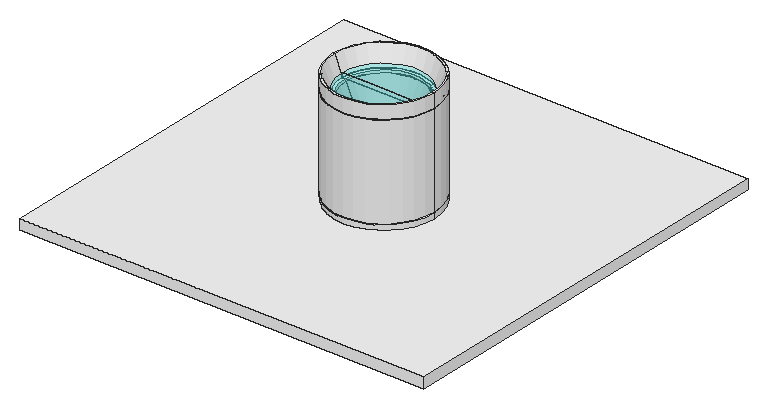
Revit family "BE_24399_de_DE", category Leuchten, Revit 2020
Family settings
  Basisbauteil = Fläche
  Bemaßung runder Anschluss = Durchmesser verwenden
  Teiletyp = Normal
  Beim Laden mit Abzugskörper schneiden = Ja
  Lichtquelle = Ja
  Gemeinsam genutzt = Nein
  Raumberechnungspunkt = Ja
Parameters (values of type "BEGA_24399_Weiß_K4")
  built-in parameter 1150104 = 11.148 (stored number, unit not read)
  Wattage = 8 W
  Default Elevation = 0 mm
  built-in parameter 1150113 = 1 (stored number, unit not read)
  built-in parameter 1114218 = 1 (stored number, unit not read)
  Umgebungstemperatur = "25 °C"
  URL = "https://www.bega.com/de/produkt/24399"
  Typenkommentare = "© 2022 BEGA. Wir behalten uns das Recht vor, technische Änderungen ohne vorherige Ankündigung vorzunehmen."  # constant formula
  Type Image = 24399.png
  built-in parameter 1150134 = 12
  built-in parameter 1150109 = 1 (stored number, unit not read)
  Strom = ""
  built-in parameter 1150110 = 1 (stored number, unit not read)
  Spannung = 239.996 V
  Sonderanfertigung = no
  Seriennummer [instance] = "Hier können Sie die eindeutige Seriennummer für das Facility Management eintragen."
  Schutzklasse = "I"
  Schutzart = "IP 65"
  Scheinlast = 0 VA
  Produktdatenblatt = "https://cdn.bega.com/bega/products/24399K3/current/documents/data-sheets/de"
  Oberflächentemperatur = ""
  Neigungswinkel = 0.00°
  Modell = "24399WK4"
  Material_17 = BEGA_Reflektor
  Material_15 = BEGA_Leuchtmedium_matt
  Material_11 = BEGA_Glas_opal
  Material_09 = BEGA_Glas_klar
  Material_06 = BEGA_Oberfläche_Edelstahl_gebürstet
  Material_03 = BEGA_Oberfläche_Weiss_matt
  Material_02 = BEGA_Oberfläche_Silber_matt
  Material_01 [instance] = BEGA_Oberfläche_Grafit_matt
  M_W = yes
  M_G = no
  M_A = no
  Logo = 0
  built-in parameter 1114217 = 1 (stored number, unit not read)
  built-in parameter 1150139 = (empty or 0)
  built-in parameter 1150105 = 76.394 (stored number, unit not read)
  built-in parameter 1150114 = 1 (stored number, unit not read)
  Lumens = 960 lm
  built-in parameter 1150115 = 1 (stored number, unit not read)
  Leuchtenlichtstrom = "976 lm"
  Leuchtenanzahl = ""
  Lebensdauerkriterien = "L70B50 @ 25 °C = 200000 h"
  Lastklassifizierung = Beleuchtung
  built-in parameter 1150112 = 1 (stored number, unit not read)
  Lampenlichtstrom = "1240 lm"
  Lampe = "LED 8 W"
  LED_Modulbezeichnung = "LED-1030/840"
  Hersteller = "BEGA"  # constant formula
  Halbstreuwinkel = ""
  Gewicht = "0.75 kg"
  Gebrauchslageneinschränkung [instance] = ""
  Frequenz = "0/50-60 Hz"
  Farbwiedergabeindex = "CRI > 80"
  Farbtemperaturverschiebung bei Dämpfen der Lampe = <Keine Auswahl>
  Farbtemperatur = "4000 K"
  Color Filter = 16777215
  built-in parameter 1150133 = 10 (stored number, unit not read)
  Energieeffizienzklasse = "LED A++ - A"
  built-in parameter 1150137 = (empty or 0)
  built-in parameter 1150132 = (empty or 0)
  ENEC = "ja"
  Dimmbar [instance] = "on/off"
  Datei für fotometrisches Netz = "BE_24399K4.IES"
  CE_Konformität = "ja"
  Bestellnummer = "24399WK4"
  Beschreibung_Sonderanfertigung = "Hier können Sie Informationen zur Sonderanfertigung eintragen."
  Beschreibung = "Deckenaufbau-Tiefstrahler"
  built-in parameter 1150106 = 0.76394 (stored number, unit not read)
  Befestigungsbohrung = "Ø 4,3 mm"
  Befestigungsabstand = "76 mm"
  Ballwurfsicher = ""
  BEGA_Intern_aus = yes
  BEGA_Intern_an = yes
  BEGA_Intern_Konstruktion = yes
  BEGA_Intern = yes
  BEGA_IES = yes
  BEGA_Dummy = no
  Anschlussleitung = ""
  Anschlussleistung [instance] = "9.2 W"
  Anschlusskasten = ""
  built-in parameter 1150107 = 4000 (stored number, unit not read)
  built-in parameter 1150102 = (empty or 0)
  built-in parameter 1150138 = (empty or 0)
  Aktualisierung = "2022-05-18T04:00:07"
  Abstand_zur_angestrahlten_Fläche [instance] = ""
  AC/DC = "AC/DC"
Types (4, lengths in mm): name | built-in parameter 1150104 | built-in parameter 1150134 | Modell | M_W | M_G | built-in parameter 1150105 | Lumens | Leuchtenlichtstrom | Lampenlichtstrom | LED_Modulbezeichnung | Farbtemperatur | Datei für fotometrisches Netz | Bestellnummer | built-in parameter 1150106 | built-in parameter 1150107
  BEGA_24399_Weiß_K3 | 10.498 (stored number, unit not read) | (empty or 0) | "24399WK3" | yes | no | 71.938 (stored number, unit not read) | 904 lm | "917 lm" | "1165 lm" | "LED-1030/830" | "3000 K" | "BE_24399K3.IES" | "24399WK3" | 0.71938 (stored number, unit not read) | 3000 (stored number, unit not read)
  BEGA_24399_Grafit_K4 | 11.148 (stored number, unit not read) | 12 | "24399K4" | no | yes | 76.394 (stored number, unit not read) | 960 lm | "976 lm" | "1240 lm" | "LED-1030/840" | "4000 K" | "BE_24399K4.IES" | "24399K4" | 0.76394 (stored number, unit not read) | 4000 (stored number, unit not read)
  BEGA_24399_Grafit_K3 | 10.498 (stored number, unit not read) | (empty or 0) | "24399K3" | no | yes | 71.938 (stored number, unit not read) | 904 lm | "917 lm" | "1165 lm" | "LED-1030/830" | "3000 K" | "BE_24399K3.IES" | "24399K3" | 0.71938 (stored number, unit not read) | 3000 (stored number, unit not read)
  BEGA_24399_Weiß_K4 | 11.148 (stored number, unit not read) | 12 | "24399WK4" | yes | no | 76.394 (stored number, unit not read) | 960 lm | "976 lm" | "1240 lm" | "LED-1030/840" | "4000 K" | "BE_24399K4.IES" | "24399WK4" | 0.76394 (stored number, unit not read) | 4000 (stored number, unit not read)
Reference planes
  plane 1 "Mitte (Vorne/Hinten)": y = 0
  plane 2: z = 0
  plane 3 "Mitte (Links/Rechts)": x = 0
  plane 4 "Links": x = -50
  plane 5 "Rechts": x = 50
  plane 6 "Unten": y = -50
  plane 7 "Oben": y = 50
  plane 8 "Vorne": z = 111.4
  plane 9 "Hinten": z = 0
Forms (mm)
  Extrusion 1, solid, material "BEGA_Platte_Weiss"
    sketch origin (0, -1119.2, 0) x (1, 0, 0) y (0, 1, 0)
      loop
        line (-200, 1319.2) -> (-200, 919.2) -> (200, 919.2) -> (200, 1319.2) -> (-200, 1319.2)
    from 0 to -10
  Extrusion 2, solid, material "BEGA_Dummy_matt", visible <- "BEGA_Dummy"
    sketch origin (77.149, -76.023, 0) x (1, 0, 0) y (0, 1, 0)
      loop
        circle (-77.149, 76.023) r 50
    from 0 to 111.4
Dimensions and locks
  plane 1 "Mitte (Vorne/Hinten)" to Extrusion 1 = 200 mm
  aligned and locked: plane 2 to Extrusion 1
  aligned and locked: level to Extrusion 1
Nested families
  nested 1: "BE_24399" at (0, 0, 0), type "BE_24399"
Connectors
  electrical at (0, 0, 0), driven by "Lastklassifizierung", driven by "Spannung", driven by "Scheinlast"
    settings: index 1, voltage 239.996 V, apparent load 0 VA, apparent load phase1 0 VA, apparent load phase2 0 VA, apparent load phase3 0 VA, power factor 1, load classification "Beleuchtung", number of poles 1, system type 31, power factor state 1, is connector primary yes, connector utility no, sub classification motor no, connector description ""
Definition of nested family "BE_24399"
  Parameters (values of type "BE_24399")
    Default Elevation = 1 mm
    URL = "http://www.bega.de/de/produkt"
    Type Comments = "© 2015 BEGA. Wir behalten uns das Recht vor, technische Änderungen ohne vorherige Ankündigung vorzunehmen. "  # constant formula
    Type Image = (empty or 0)
    Neigungswinkel_um_Z2 = 0.00°
    Neigungswinkel_um_Z1 = 0.00°
    Neigungswinkel_um_Y2 = 0.00°
    Neigungswinkel_um_Y1 = 0.00°
    Neigungswinkel_um_X2 = 0.00°
    Neigungswinkel_um_X1 = 0.00°
    Material_17 = none
    Material_15 = none
    Material_11 = none
    Material_09 = none
    Material_06 = none
    Material_03 = none
    Material_02 = none
    Material_01 = none
    M_W = yes
    M_G = yes
    M_A = yes
    Länge_Platte = 200 mm  # constant formula
    Höhe_Platte = -10 mm  # constant formula
    Manufacturer = "BEGA"  # constant formula
    Drehwinkel_um_Z2 = 0.00°
    Drehwinkel_um_Z1 = 0.00°
    Breite_Platte = 200 mm  # constant formula
  Reference planes
    plane 1 "Mitte (Oben/Unten)": y = 0
    plane 2: z = 0
    plane 3 "Mitte (Links/Rechts)": x = 0
    plane 4 "Vorne": z = 111.4
    plane 5 "Hinten": z = -25
    plane 6 "Links": x = -50
    plane 7 "Oben": y = 50
    plane 8 "Unten": y = -50
    plane 9: x = 50
  Forms (mm)
    Extrusion 1, solid, detail levels medium
      sketch origin (0, 0, 0) x (1, 0, 0) y (0, 1, 0)
        loop
          line (-100, 100) -> (-100, -100) -> (100, -100) -> (100, 100) -> (-100, 100)
      from 0 to -10 <- "Höhe_Platte"
    Revolve 2, solid, material <- "Material_01", visible <- "M_G"
      sketch origin (0, 0, 0) x (1, 0, 0) y (0, 0, 1)
        loop
          line (-50, 111.4) -> (-50, 98.417) -> (-47.884, 98.194) -> (-45.886, 94.734) -> (-47, 94.091) -> (-47, 85.55) -> (-45.078, 84.9) -> (-42.843, 84.9) -> (-42.651, 90.4) -> (-38.087, 90.4) -> (-38, 92.9) -> (-41.306, 92.9) -> (-48.5, 111.4) -> (-50, 111.4)
        axis (0, 111.4) -> (0, 84.9)
      angle from 0 to 360
    Revolve 3, solid, material <- "Material_01", visible <- "M_G"
      sketch origin (0, 0, 0) x (1, 0, 0) y (0, 0, 1)
        loop
          line (-50, 97.4) -> (-50, 6) -> (-47.965, 6) -> (-47.303, 24.964) -> (-40.001, 24.964) -> (-39.417, 41.7) -> (0, 41.7) -> (0, 46.7) -> (-38.893, 46.7) -> (-40, 78.398) -> (-47.293, 78.398) -> (-48, 94.4) -> (-49.092, 97.4) -> (-50, 97.4)
        axis (0, 6) -> (0, 97.4)
      angle from 0 to 360
    Revolve 4, solid, material <- "Material_17"
      sketch origin (0, 0, 0) x (1, 0, 0) y (0, 0, 1)
        loop
          line (-41.5, 89.2) -> (-38.478, 89.2)
          arc (-38.478, 89.2) -> (-29.406, 69.485) -> (-18.265, 50.861) r 201.35
          arc (-18.265, 50.861) -> (-17.747, 50.387) -> (-17.071, 50.2) r 1.5
          line (-17.071, 50.2) -> (-15.5, 50.2)
          arc (-15.5, 50.2) -> (-15.113, 50.384) -> (-15.01, 50.8) r 0.5
          arc (-15.01, 50.8) -> (-15.113, 51.216) -> (-15.5, 51.4) r 0.5
          line (-15.5, 51.4) -> (-16.996, 51.4)
          arc (-16.996, 51.4) -> (-28.322, 70.334) -> (-37.493, 90.4) r 199.946
          line (-37.493, 90.4) -> (-41.458, 90.4) -> (-41.5, 89.2)
        axis (0, 50.2) -> (0, 90.4)
      angle from 0 to 360
    Revolve 5, solid, material <- "Material_09"
      sketch origin (0, 0, 0) x (1, 0, 0) y (0, 0, 1)
        loop
          line (0, 97) -> (-41, 97) -> (-41, 92.9) -> (0, 92.9) -> (0, 97)
        axis (0, 92.9) -> (0, 97)
      angle from 0 to 360
    Revolve 6, solid, material <- "Material_03", visible <- "M_W"
      sketch origin (0, 0, 0) x (1, 0, 0) y (0, 0, 1)
        loop
          line (-50, 111.4) -> (-50, 98.417) -> (-47.884, 98.194) -> (-45.886, 94.734) -> (-47, 94.091) -> (-47, 85.55) -> (-45.078, 84.9) -> (-42.843, 84.9) -> (-42.651, 90.4) -> (-38.087, 90.4) -> (-38, 92.9) -> (-41.306, 92.9) -> (-48.5, 111.4) -> (-50, 111.4)
        axis (0, 111.4) -> (0, 84.9)
      angle from 0 to 360
    Revolve 7, solid, material <- "Material_03", visible <- "M_W"
      sketch origin (0, 0, 0) x (1, 0, 0) y (0, 0, 1)
        loop
          line (-50, 97.4) -> (-50, 6) -> (-47.965, 6) -> (-47.303, 24.964) -> (-40.001, 24.964) -> (-39.417, 41.7) -> (0, 41.7) -> (0, 46.7) -> (-38.893, 46.7) -> (-40, 78.398) -> (-47.293, 78.398) -> (-48, 94.4) -> (-49.092, 97.4) -> (-50, 97.4)
        axis (0, 6) -> (0, 97.4)
      angle from 0 to 360
    Revolve 8, solid, material <- "Material_15"
      sketch origin (0, 0, 0) x (1, 0, 0) y (0, 0, 1)
        loop
          line (-13.933, 48.423) -> (0, 48.423) -> (0, 49.205) -> (-13.933, 49.205) -> (-13.933, 48.423)
        axis (0, 48.423) -> (0, 49.423)
      angle from 0 to 360
    Revolve 9, solid, material <- "Material_01", visible <- "M_G"
      sketch origin (0, 0, 0) x (1, 0, 0) y (0, 0, 1)
        loop
          line (0, 16) -> (-38.731, 16) -> (-42.91, 16) -> (-42.91, 18.5) -> (-47, 18.5) -> (-47, 5.299) -> (-50, 4.983) -> (-50, 0) -> (-43.105, 0) -> (-42.651, 13) -> (0, 13) -> (0, 16)
        axis (0, 18.5) -> (0, 0)
      angle from 0 to 360
    Extrusion 10, solid, material <- "Material_01", visible <- "M_G"
      sketch origin (0, 0, 0) x (1, 0, 0) y (0, 1, 0)
        loop
          circle (-38, 0) r 6.17
        loop
          circle (38, 0) r 6.17
        loop
          circle (-38, 0) r 2.145
        loop
          circle (38, 0) r 2.145
      from 0 to 19.705
    Revolve 11, solid, material <- "Material_03", visible <- "M_W"
      sketch origin (0, 0, 0) x (1, 0, 0) y (0, 0, 1)
        loop
          line (0, 16) -> (-38.731, 16) -> (-42.91, 16) -> (-42.91, 18.5) -> (-47, 18.5) -> (-47, 5.299) -> (-50, 4.983) -> (-50, 0) -> (-43.105, 0) -> (-42.651, 13) -> (0, 13) -> (0, 16)
        axis (0, 18.5) -> (0, 0)
      angle from 0 to 360
    Extrusion 12, solid, material <- "Material_03", visible <- "M_W"
      sketch origin (0, 0, 0) x (1, 0, 0) y (0, 1, 0)
        loop
          circle (-38, 0) r 6.17
        loop
          circle (38, 0) r 6.17
        loop
          circle (-38, 0) r 2.145
        loop
          circle (38, 0) r 2.145
      from 0 to 19.705
    Extrusion 13, void
      sketch origin (0, 0, 0) x (1, 0, 0) y (0, 1, 0)
        loop
          circle (0, 29) r 7.197
      from 10.843 to 18.77
  Cuts and joins
    Extrusion 13 cuts Revolve 9
    Extrusion 13 cuts Extrusion 10
    joined: Revolve 9, Extrusion 10
    Extrusion 13 cuts Revolve 11
    Extrusion 13 cuts Extrusion 12
    joined: Revolve 11, Extrusion 12
    Extrusion 13 cuts Revolve 3
    Extrusion 13 cuts Revolve 4
    Extrusion 13 cuts Revolve 5
    Extrusion 13 cuts Revolve 7
  Dimensions and locks
    equal spacing: Extrusion 1 sketch curve, plane 3 "Mitte (Links/Rechts)", Extrusion 1 sketch curve
    equal spacing: Extrusion 1 sketch curve, plane 1 "Mitte (Oben/Unten)", Extrusion 1 sketch curve
    "Länge_Platte": Extrusion 1 sketch curve to Extrusion 1 sketch curve
    "Breite_Platte": Extrusion 1 sketch curve to Extrusion 1 sketch curve
    aligned and locked: plane 2 to Extrusion 1
    aligned and locked: level to Extrusion 1
  Automatic sketch dimensions
    Revolve 2 sketch curve to plane 3 "Mitte (Links/Rechts)" = 0 mm
    Revolve 2 sketch curve to Revolve 2 sketch curve = 0.087 mm
    Revolve 2 sketch curve to Revolve 2 sketch curve = 0.192 mm
    Revolve 2 sketch curve to Revolve 2 sketch curve = 2.235 mm
    Revolve 2 sketch curve to Revolve 2 sketch curve = 1.922 mm
    Revolve 2 sketch curve to Revolve 2 sketch curve = 1.998 mm
    Revolve 2 sketch curve to Revolve 2 sketch curve = 0.616 mm
    Revolve 2 sketch curve to Revolve 2 sketch curve = 1.5 mm
    level to Revolve 2 sketch curve = 84.9 mm
    Revolve 2 sketch curve to Revolve 2 sketch curve = 0.65 mm
    Revolve 2 sketch curve to Revolve 2 sketch curve = 5.5 mm
    Revolve 2 sketch curve to Revolve 2 sketch curve = 2.5 mm
    Revolve 2 sketch curve to Revolve 2 sketch curve = 3.691 mm
    Revolve 2 sketch curve to Revolve 2 sketch curve = 0.643 mm
    Revolve 2 sketch curve to Revolve 2 sketch curve = 0.222 mm
    Revolve 2 sketch curve to Revolve 2 sketch curve = 12.983 mm
    Revolve 2 sketch curve to Revolve 2 sketch curve = 3.306 mm
    Revolve 2 sketch curve to Revolve 2 sketch curve = 8.578 mm
    Revolve 2 sketch curve to Revolve 2 sketch curve = 6.422 mm
    Revolve 2 sketch curve to plane 3 "Mitte (Links/Rechts)" = 38 mm
    Revolve 2 sketch curve to Revolve 2 sketch curve = 1.345 mm
    Revolve 2 sketch curve to Revolve 2 sketch curve = 1.114 mm
    Revolve 3 sketch curve to plane 3 "Mitte (Links/Rechts)" = 0 mm  (x2)
    Revolve 3 sketch curve to Revolve 3 sketch curve = 38.893 mm
    Revolve 3 sketch curve to Revolve 3 sketch curve = 0.524 mm
    Revolve 3 sketch curve to Revolve 3 sketch curve = 1.107 mm
    Revolve 3 sketch curve to Revolve 3 sketch curve = 0.584 mm
    Revolve 3 sketch curve to Revolve 3 sketch curve = 7.293 mm
    Revolve 3 sketch curve to Revolve 3 sketch curve = 7.302 mm
    level to Revolve 3 sketch curve = 6 mm
    Revolve 3 sketch curve to Revolve 3 sketch curve = 0.662 mm
    Revolve 3 sketch curve to Revolve 3 sketch curve = 0.707 mm
    Revolve 3 sketch curve to Revolve 3 sketch curve = 1.092 mm
    Revolve 3 sketch curve to Revolve 3 sketch curve = 0.908 mm
    Revolve 3 sketch curve to Revolve 3 sketch curve = 18.964 mm
    Revolve 3 sketch curve to Revolve 3 sketch curve = 16.736 mm
    Revolve 3 sketch curve to Revolve 3 sketch curve = 5 mm
    Revolve 3 sketch curve to Revolve 3 sketch curve = 31.698 mm  (x2)
    Revolve 3 sketch curve to Revolve 3 sketch curve = 16.002 mm
    Revolve 3 sketch curve to Revolve 3 sketch curve = 3 mm
    Revolve 3 sketch curve to Revolve 3 sketch curve = 26.486 mm
    Revolve 4 sketch curve to plane 3 "Mitte (Links/Rechts)" = 0 mm
    Revolve 4 sketch curve to plane 3 "Mitte (Links/Rechts)" = 15.5 mm
    Revolve 4 sketch curve to Revolve 4 sketch curve = 0 mm  (x2)
    Revolve 4 sketch curve to Revolve 4 sketch curve = 1.496 mm
    Revolve 4 sketch curve to Revolve 4 sketch curve = 0.025 mm
    Revolve 4 sketch curve to Revolve 4 sketch curve = 0.075 mm
    Revolve 4 sketch curve to plane 3 "Mitte (Links/Rechts)" = 37.493 mm
    Revolve 4 sketch curve to Revolve 4 sketch curve = 0.985 mm
    Revolve 4 sketch curve to Revolve 4 sketch curve = 2.98 mm
    Revolve 4 sketch curve to Revolve 4 sketch curve = 0.042 mm
    Revolve 4 sketch curve to Revolve 4 sketch curve = 0.037 mm  (x2)
    level to Revolve 4 sketch curve = 50.2 mm
    Revolve 4 sketch curve to Revolve 4 sketch curve = 0.5 mm  (x2)
    Revolve 4 sketch curve to Revolve 4 sketch curve = 0.2 mm
    Revolve 4 sketch curve to Revolve 4 sketch curve = 0.299 mm
    Revolve 4 sketch curve to Revolve 4 sketch curve = 37.501 mm
    Revolve 4 sketch curve to Revolve 4 sketch curve = 1.2 mm
    Revolve 4 sketch curve to Revolve 4 sketch curve = 20 mm
    Revolve 4 sketch curve to Revolve 4 sketch curve = 8.528 mm
    Revolve 5 sketch curve to plane 3 "Mitte (Links/Rechts)" = 0 mm  (x2)
    Revolve 5 sketch curve to Revolve 5 sketch curve = 41 mm
    level to Revolve 5 sketch curve = 92.9 mm
    Revolve 5 sketch curve to Revolve 5 sketch curve = 4.1 mm
    Revolve 5 sketch curve to Revolve 5 sketch curve = 5 mm
    Revolve 5 sketch curve to Revolve 5 sketch curve = 6.689 mm
    Revolve 6 sketch curve to plane 3 "Mitte (Links/Rechts)" = 0 mm
    Revolve 6 sketch curve to plane 3 "Mitte (Links/Rechts)" = 38 mm
    Revolve 6 sketch curve to Revolve 6 sketch curve = 0.087 mm
    Revolve 6 sketch curve to Revolve 6 sketch curve = 3.306 mm
    Revolve 6 sketch curve to Revolve 6 sketch curve = 1.345 mm
    Revolve 6 sketch curve to Revolve 6 sketch curve = 0.192 mm
    Revolve 6 sketch curve to Revolve 6 sketch curve = 2.235 mm
    Revolve 6 sketch curve to Revolve 6 sketch curve = 4.58 mm
    Revolve 6 sketch curve to Revolve 6 sketch curve = 1.922 mm
    Revolve 6 sketch curve to Revolve 6 sketch curve = 1.998 mm
    Revolve 6 sketch curve to Revolve 6 sketch curve = 0.616 mm
    Revolve 6 sketch curve to Revolve 6 sketch curve = 1.5 mm
    level to Revolve 6 sketch curve = 84.9 mm
    Revolve 6 sketch curve to Revolve 6 sketch curve = 0.65 mm
    Revolve 6 sketch curve to Revolve 6 sketch curve = 5.5 mm
    Revolve 6 sketch curve to Revolve 6 sketch curve = 2.5 mm
    Revolve 6 sketch curve to Revolve 6 sketch curve = 3.691 mm
    Revolve 6 sketch curve to Revolve 6 sketch curve = 0.643 mm
    Revolve 6 sketch curve to Revolve 6 sketch curve = 0.222 mm
    Revolve 6 sketch curve to Revolve 6 sketch curve = 12.983 mm
    Revolve 6 sketch curve to Revolve 6 sketch curve = 8.578 mm
    Revolve 6 sketch curve to Revolve 6 sketch curve = 6.422 mm
    Revolve 7 sketch curve to plane 3 "Mitte (Links/Rechts)" = 0 mm  (x2)
    Revolve 7 sketch curve to plane 3 "Mitte (Links/Rechts)" = 38.893 mm
    Revolve 7 sketch curve to Revolve 7 sketch curve = 0.524 mm
    Revolve 7 sketch curve to Revolve 7 sketch curve = 1.107 mm
    Revolve 7 sketch curve to Revolve 7 sketch curve = 0.584 mm
    Revolve 7 sketch curve to Revolve 7 sketch curve = 7.293 mm
    Revolve 7 sketch curve to Revolve 7 sketch curve = 7.302 mm
    level to Revolve 7 sketch curve = 6 mm
    Revolve 7 sketch curve to Revolve 7 sketch curve = 0.662 mm
    Revolve 7 sketch curve to Revolve 7 sketch curve = 0.707 mm
    Revolve 7 sketch curve to Revolve 7 sketch curve = 1.092 mm
    Revolve 7 sketch curve to Revolve 7 sketch curve = 0.908 mm
    Revolve 7 sketch curve to Revolve 7 sketch curve = 18.964 mm
    Revolve 7 sketch curve to Revolve 7 sketch curve = 16.736 mm
    Revolve 7 sketch curve to Revolve 7 sketch curve = 5 mm
    Revolve 7 sketch curve to Revolve 7 sketch curve = 31.698 mm  (x2)
    Revolve 7 sketch curve to Revolve 7 sketch curve = 16.002 mm
    Revolve 7 sketch curve to Revolve 7 sketch curve = 3 mm
    Revolve 7 sketch curve to Revolve 7 sketch curve = 26.486 mm
    Revolve 8 sketch curve to plane 3 "Mitte (Links/Rechts)" = 0 mm  (x2)
    Revolve 8 sketch curve to plane 3 "Mitte (Links/Rechts)" = 13.933 mm
    level to Revolve 8 sketch curve = 48.423 mm
    Revolve 8 sketch curve to Revolve 8 sketch curve = 0.782 mm
    Revolve 8 sketch curve to Revolve 8 sketch curve = 2.192 mm
    Revolve 8 sketch curve to Revolve 8 sketch curve = 2.28 mm
    plane 4 "Vorne" to Revolve 4 sketch curve = 51.954 mm
    Revolve 9 sketch curve to plane 6 "Links" = 0 mm
    Revolve 9 sketch curve to level = 0 mm
    Revolve 9 sketch curve to plane 3 "Mitte (Links/Rechts)" = 0 mm  (x2)
    plane 6 "Links" to Revolve 9 sketch curve = 3 mm
    Revolve 9 sketch curve to Revolve 9 sketch curve = 3.895 mm
    Revolve 9 sketch curve to Revolve 9 sketch curve = 4.09 mm
    Revolve 9 sketch curve to Revolve 9 sketch curve = 0.259 mm
    Revolve 9 sketch curve to Revolve 9 sketch curve = 4.179 mm
    Revolve 9 sketch curve to Revolve 9 sketch curve = 4.983 mm
    Revolve 9 sketch curve to Revolve 9 sketch curve = 0.315 mm
    Revolve 9 sketch curve to Revolve 9 sketch curve = 7.701 mm
    Revolve 9 sketch curve to Revolve 9 sketch curve = 3 mm
    Revolve 9 sketch curve to Revolve 9 sketch curve = 2.5 mm
    Revolve 9 sketch curve to Revolve 9 sketch curve = 4.431 mm
    Revolve 9 sketch curve to Revolve 9 sketch curve = 13.732 mm
    Extrusion 10 sketch curve to Extrusion 10 sketch curve = 0 mm  (x4)
    Extrusion 10 sketch curve to plane 1 "Mitte (Oben/Unten)" = 0 mm  (x2)
    plane 6 "Links" to Extrusion 10 sketch curve = 12 mm
    plane 9 to Extrusion 10 sketch curve = 12 mm
    Revolve 11 sketch curve to plane 6 "Links" = 0 mm
    Revolve 11 sketch curve to level = 0 mm
    Revolve 11 sketch curve to plane 3 "Mitte (Links/Rechts)" = 0 mm  (x2)
    plane 6 "Links" to Revolve 11 sketch curve = 3 mm
    Revolve 11 sketch curve to Revolve 11 sketch curve = 3.895 mm
    Revolve 11 sketch curve to Revolve 11 sketch curve = 4.09 mm
    Revolve 11 sketch curve to Revolve 11 sketch curve = 0.259 mm
    Revolve 11 sketch curve to Revolve 11 sketch curve = 4.179 mm
    Revolve 11 sketch curve to Revolve 11 sketch curve = 4.983 mm
    Revolve 11 sketch curve to Revolve 11 sketch curve = 0.315 mm
    Revolve 11 sketch curve to Revolve 11 sketch curve = 7.701 mm
    Revolve 11 sketch curve to Revolve 11 sketch curve = 3 mm
    Revolve 11 sketch curve to Revolve 11 sketch curve = 2.5 mm
    Revolve 11 sketch curve to Revolve 11 sketch curve = 4.431 mm
    Revolve 11 sketch curve to Revolve 11 sketch curve = 13.732 mm
    Extrusion 12 sketch curve to Extrusion 12 sketch curve = 0 mm  (x4)
    Extrusion 12 sketch curve to plane 1 "Mitte (Oben/Unten)" = 0 mm  (x2)
    plane 6 "Links" to Extrusion 12 sketch curve = 12 mm
    plane 9 to Extrusion 12 sketch curve = 12 mm
    radius of Extrusion 10 sketch curve = 6.17 mm  (x2)
    radius of Extrusion 10 sketch curve = 2.145 mm  (x2)
    radius of Extrusion 12 sketch curve = 6.17 mm  (x2)
    radius of Extrusion 12 sketch curve = 2.145 mm  (x2)
